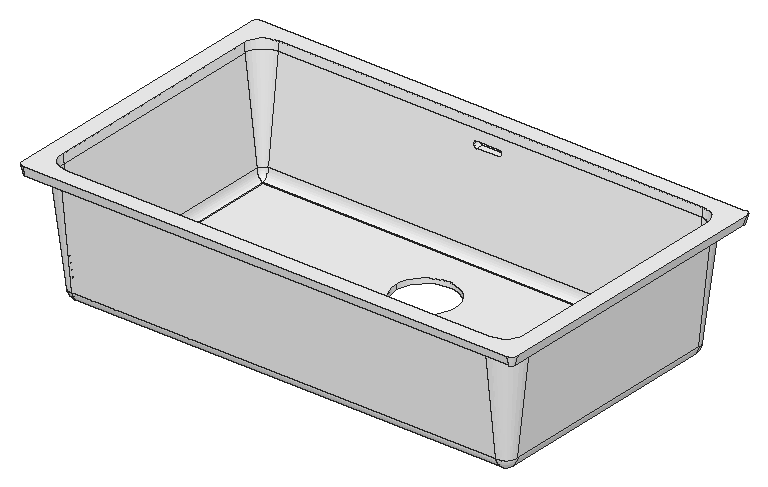
Revit family "NBS_DuPontCorian_CounterTopWashBasins_CorianSingleSink966", category Plumbing Fixtures, host Face, Revit 2014
Parameters (values of type "CorianSingleSink966")
  Weight = "n/a"
  WaterSupplyOverflowAndWasteHoles = "No tapholes, rear overflow hole, bottom waste outlet with no chainstay hole"
  WashHandBasinType = "n/a"
  WashHandBasinMounting = "n/a"
  WashBasinMaterial = NBS_Concept
  WarrantyStartDate [instance] = "1900-12-31T23:59:59"
  WarrantyGuarantorParts = "n/a"
  WarrantyGuarantorLabor = "n/a"
  WarrantyDurationUnit = "year"
  WarrantyDurationParts = "10 years"
  WarrantyDurationLabor = "n/a"
  WarrantyDescription = "10 year material warranty from DuPont™"
  Version = "3"  # constant formula
  Uniclass2 = "45-31-79/418"
  TapholeOptions = "n/a"
  TagNumber [instance] = "n/a"
  SustainabilityPerformance = "ISO14001. Zero landfill at manufacturing site. Greenguard certified. Repairable nature makes lifetime performance 40 years plus."
  Size = "750 x 451 x 191 mm"
  Shape = "Rectangular"
  SerialNumber [instance] = "0.0"
  SanitarywareSet = "n/a"
  Revision = "n/a"
  ReplacementCost = "0.0"
  ProductInformation = "corian.co.uk/Corian/en_GB/assets/downloads/documentation/corian_sinks_bowls_en.pdf"
  NominalWidth = 451.00 mm
  NominalLength = 750.00 mm
  NominalHeight = 0.00 mm
  NominalDepth = 191.00 mm
  Name = "Counter top wash basins"
  NBSTypeID = "n/a"
  NBSReference = "45-35-70/360"
  NBSOfficeMasterTag = "n/a"
  NBSNote = "n/a"
  NBSDescription = "Counter top wash basins"
  NBSCertification = "http://www.nationalbimlibrary.com/cert/hqcsepa1"
  MountingOptions = "Undermount classical, Undermount seamless"
  ModelReference = "Corian® Single Sink"
  ModelNumber = "966"
  Material = "±⅓ acrylic resin (also known as polymethyl methacrylate or PMMA) and ±⅔ aluminium trihydrate natural minerals"
  ManufacturerURL = "www.corian.co.uk"
  ManufacturerName = "DuPont Corian"  # constant formula
  Manufacturer = "DuPont™ Corian®"
  InternalWidth = "401 mm"
  InternalLength = "700 mm"
  InternalDepth = "176 mm"
  IntegralAccessories = "Includes overflow piece and 25mm diameter overflow elbow"
  InstallationDate [instance] = "1900-12-31T23:59:59"
  IfcExportType = "WASHHANDBASIN"  # constant formula
  IfcExportAs = "IfcSanitaryTerminalType"  # constant formula
  Grade = "n/a"
  Form = "Inset countertop or Mounted under countertop (undermount)"
  Finish = "Semi gloss"
  Features = "Designed to be integrated into a Corian® worksurface. Available in full colour range as Standard or bespoke colours. Hygienic."
  ExpectedLife = "n/a"
  DurationUnit = "year"
  DrainSize = 0.00 mm
  Description = "The extraordinary versatility of DuPont™ Corian® makes it the right choice for bathrooms. Bathroom basins made with Corian® combine beauty, functionality, durability and stain resistance with easy care and the abundant design and colour options that make all the difference."
  Default Elevation = 0.00 mm
  Constituents = "n/a"
  ComponentNumber = "n/a"
  ColourOptions = "Bone, Cameo White, Designer White, Glacier White, Vanilla"
  Color = "n/a"
  CodePerformance = "n/a"
  Category = "n/a"
  BarCode [instance] = "n/a"
  BIMObjectName = "NBS_DuPontCorian_CounterTopWashBasins_CorianSingleSink966"
  Author = "NBS"  # constant formula
  AssetType = "Fixed"
  AssetIdentifier [instance] = "n/a"
  AccessibilityPerformance = "n/a"
Reference planes
  plane 1 "Center (Front/Back)": y = 0
  plane 2: z = 0
  plane 3 "Center (Left/Right)": x = 0
  plane 4 "Top": z = 166.923
  plane 5: y = 78.445
  plane 6: z = 28.164
  plane 7: z = 173.255
Forms (mm)
  Sweep 1, solid, material "NBS_Concept" <- "WashBasinMaterial"
    path origin (0, 0, 0) x (1, 0, 0) y (0, 1, 0)
      loop
        line (320.46, 181.058) -> (-320.098, 181.058)
        arc (-320.098, 181.058) -> (-327.12, 178.149) -> (-330.028, 171.128) r 9.931
        line (-330.028, 171.128) -> (-330.028, -170.972)
        arc (-330.028, -170.972) -> (-327.206, -177.786) -> (-320.393, -180.608) r 9.636
        line (-320.393, -180.608) -> (320.749, -180.608)
        arc (320.749, -180.608) -> (327.566, -177.784) -> (330.389, -170.968) r 9.64
        line (330.389, -170.968) -> (330.389, 171.129)
        arc (330.389, 171.129) -> (327.481, 178.15) -> (320.46, 181.058) r 9.929
    profile origin (0.181, 181.058, 0) x (0, -1, 0) y (0, 0, 1)
      loop
        line (-17.955, 177.647) -> (-32.309, 183.42) -> (-32.309, 177.647)
        arc (-32.309, 177.647) -> (-28.995, 176.391) -> (-27.344, 173.255) r 5.002
        line (-27.344, 173.255) -> (-8.595, 20.555)
        arc (-8.595, 20.555) -> (-2.766, 8.728) -> (9.156, 3.097) r 20.007
        line (9.156, 3.097) -> (9.156, 10.559)
        spline (9.156, 10.559) -> (6.975, 11.786) -> (5.62, 13.03) -> (4.625, 14.314) -> (3.798, 15.605) -> (3.132, 16.833) -> (2.612, 17.966) -> (2.192, 19.062) -> (1.821, 20.192) -> (1.468, 21.46) -> (1.111, 22.991) -> (0.747, 25.064) -> (0.399, 28.164)
        line (0.399, 28.164) -> (-17.955, 177.647)
  SweptBlend 2, solid, material "NBS_Concept" <- "WashBasinMaterial"
    path origin (0, 0, 0) x (1, 0, 0) y (0, 0, 1)
      loop
        line (-371.542, 177.644) -> (-371.542, 190.756)
    profile origin (-371.542, 0, 177.644) x (-1, 0, 0) y (0, -1, 0)
      loop
        line (-0.319, -216.091) -> (-0.319, 215.641)
        arc (-0.319, 215.641) -> (-2.124, 219.998) -> (-6.481, 221.803) r 6.163
        line (-6.481, 221.803) -> (-736.964, 221.803)
        arc (-736.964, 221.803) -> (-741.322, 219.998) -> (-743.127, 215.641) r 6.163
        line (-743.127, 215.641) -> (-743.127, -216.091)
        arc (-743.127, -216.091) -> (-741.322, -220.449) -> (-736.964, -222.254) r 6.163
        line (-736.964, -222.254) -> (-6.481, -222.254)
        arc (-6.481, -222.254) -> (-2.124, -220.449) -> (-0.319, -216.091) r 6.162
    end profile origin (-371.542, 0, 190.756) x (-1, 0, 0) y (0, -1, 0)
      loop
        line (-736.993, -225.754) -> (-6.481, -225.754)
        spline (-6.481, -225.754) -> (-5.198, -225.673) -> (-3.946, -225.432) -> (-2.745, -225.034) -> (-1.612, -224.486) -> (-0.567, -223.796) -> (0.376, -222.975) -> (1.201, -222.036) -> (1.895, -220.993) -> (2.447, -219.863) -> (2.85, -218.663) -> (3.096, -217.413) -> (3.181, -216.131)
        line (3.181, -216.131) -> (3.181, 215.68)
        spline (3.181, 215.68) -> (3.096, 216.961) -> (2.851, 218.21) -> (2.449, 219.408) -> (1.898, 220.537) -> (1.206, 221.579) -> (0.383, 222.517) -> (-0.557, 223.338) -> (-1.6, 224.029) -> (-2.73, 224.578) -> (-3.929, 224.977) -> (-5.179, 225.22) -> (-6.459, 225.303)
        line (-6.459, 225.303) -> (-736.964, 225.303)
        spline (-736.964, 225.303) -> (-738.25, 225.222) -> (-739.505, 224.98) -> (-740.71, 224.58) -> (-741.844, 224.029) -> (-742.892, 223.336) -> (-743.835, 222.511) -> (-744.66, 221.568) -> (-745.353, 220.521) -> (-745.904, 219.386) -> (-746.303, 218.182) -> (-746.546, 216.927) -> (-746.627, 215.641)
        line (-746.627, 215.641) -> (-746.627, -216.091)
        spline (-746.627, -216.091) -> (-746.546, -217.375) -> (-746.305, -218.627) -> (-745.906, -219.83) -> (-745.358, -220.963) -> (-744.667, -222.009) -> (-743.845, -222.952) -> (-742.905, -223.776) -> (-741.861, -224.47) -> (-740.729, -225.022) -> (-739.528, -225.424) -> (-738.277, -225.669) -> (-736.993, -225.754)
  SweptBlend 3, void
    path origin (0, 0, 0) x (1, 0, 0) y (0, 0, 1)
      loop
        line (-347.983, 177.647) -> (-347.983, 190.756)
    profile origin (-347.983, 0, 177.647) x (-1, 0, 0) y (0, -1, 0)
      loop
        line (0, -171.128) -> (0, 170.972)
        arc (0, 170.972) -> (-8.081, 190.482) -> (-27.591, 198.563) r 27.591
        line (-27.591, 198.563) -> (-668.733, 198.563)
        arc (-668.733, 198.563) -> (-688.245, 190.48) -> (-696.327, 170.968) r 27.595
        line (-696.327, 170.968) -> (-696.327, -171.129)
        arc (-696.327, -171.129) -> (-688.16, -190.846) -> (-668.443, -199.013) r 27.884
        line (-668.443, -199.013) -> (-27.885, -199.013)
        arc (-27.885, -199.013) -> (-8.167, -190.846) -> (0, -171.128) r 27.885
    end profile origin (-347.983, 0, 190.756) x (-1, 0, 0) y (0, -1, 0)
      loop
        arc (1.6, 170.972) -> (-6.95, 191.613) -> (-27.591, 200.163) r 29.191
        line (-27.591, 200.163) -> (-668.733, 200.163)
        arc (-668.733, 200.163) -> (-689.376, 191.612) -> (-697.927, 170.968) r 29.195
        line (-697.927, 170.968) -> (-697.927, -171.129)
        arc (-697.927, -171.129) -> (-689.291, -191.977) -> (-668.443, -200.613) r 29.484
        line (-668.443, -200.613) -> (-27.885, -200.613)
        arc (-27.885, -200.613) -> (-7.036, -191.977) -> (1.6, -171.128) r 29.485
        line (1.6, -171.128) -> (1.6, 170.972)
  Extrusion 4, solid, material "NBS_Concept" <- "WashBasinMaterial"
    sketch origin (0, 0, 0) x (1, 0, 0) y (0, 1, 0)
      loop
        arc (-320.098, 171.902) -> (-320.645, 171.675) -> (-320.872, 171.128) r 0.774
        line (-320.872, 171.128) -> (-320.872, -171.452) -> (321.233, -171.452) -> (321.233, 171.129)
        arc (321.233, 171.129) -> (321.007, 171.676) -> (320.46, 171.902) r 0.773
        line (320.46, 171.902) -> (-320.098, 171.902)
    from 2.996 to 10.515
  Extrusion 5, void
    sketch origin (0, 0, 0) x (1, 0, 0) y (0, 1, 0)
      loop
        circle (0, 78.445) r 45.256
    from 0 to 37.606
  Extrusion 6, void
    sketch origin (0, 0, 0) x (1, 0, 0) y (0, 0, 1)
      loop
        arc (-21.35, 158.356) -> (-19.959, 154.997) -> (-16.6, 153.606) r 4.75
        line (-16.6, 153.606) -> (16.6, 153.606)
        arc (16.6, 153.606) -> (19.959, 154.997) -> (21.35, 158.356) r 4.75
        arc (21.35, 158.356) -> (19.959, 161.714) -> (16.6, 163.106) r 4.75
        line (16.6, 163.106) -> (-16.6, 163.106)
        arc (-16.6, 163.106) -> (-19.959, 161.714) -> (-21.35, 158.356) r 4.75
    from -232.092 to -162.713
Cuts and joins
  SweptBlend 3 cuts SweptBlend 2
  Extrusion 5 cuts Extrusion 4
  Extrusion 6 cuts Sweep 1
Lines and regions (mm)
  Masking region 1
    outline origin (0, 0, 0) x (1, 0, 0) y (0, 1, 0)
      loop
        arc (-374.724, -215.641) -> (-371.894, -222.473) -> (-365.061, -225.303) r 9.663
        line (-365.061, -225.303) -> (365.422, -225.303)
        arc (365.422, -225.303) -> (372.254, -222.473) -> (375.085, -215.641) r 9.663
        line (375.085, -215.641) -> (375.085, 216.091)
        arc (375.085, 216.091) -> (372.254, 222.924) -> (365.422, 225.754) r 9.663
        line (365.422, 225.754) -> (-365.061, 225.754)
        arc (-365.061, 225.754) -> (-371.894, 222.924) -> (-374.724, 216.091) r 9.663
        line (-374.724, 216.091) -> (-374.724, -215.641)
  Masking region 2
    outline origin (0, 0, 0) x (0, 1, 0) y (0, 0, 1)
      loop
        line (225.754, 190.758) -> (-225.303, 190.758) -> (-221.79, 177.647) -> (-212.917, 177.647)
        arc (-212.917, 177.647) -> (-209.602, 176.391) -> (-207.952, 173.255) r 5.002
        line (-207.952, 173.255) -> (-189.803, 25.441)
        arc (-189.803, 25.441) -> (-183.433, 13.103) -> (-170.567, 7.882) r 20.007
        line (-170.567, 7.882) -> (14.546, 2.123)
        arc (14.546, 2.123) -> (15.759, 1.672) -> (16.454, 0.581) r 2.031
        arc (16.454, 0.581) -> (16.724, 0.165) -> (17.192, 0.004) r 0.76
        line (17.192, 0.004) -> (139.698, 0.004)
        arc (139.698, 0.004) -> (140.167, 0.165) -> (140.436, 0.581) r 0.76
        arc (140.436, 0.581) -> (141.131, 1.673) -> (142.344, 2.123) r 2.031
        line (142.344, 2.123) -> (170.454, 2.997)
        arc (170.454, 2.997) -> (183.297, 8.229) -> (189.653, 20.555) r 20.007
        line (189.653, 20.555) -> (208.402, 173.255)
        arc (208.402, 173.255) -> (210.053, 176.391) -> (213.367, 177.647) r 5.002
        line (213.367, 177.647) -> (222.24, 177.647) -> (225.754, 190.758)
  Masking region 3
    outline origin (0, 0, 0) x (1, 0, 0) y (0, 0, 1)
      loop
        line (-375.056, 190.756) -> (-371.542, 177.644) -> (-362.698, 177.644)
        arc (-362.698, 177.644) -> (-359.365, 176.398) -> (-357.704, 173.252) r 5.002
        line (-357.704, 173.252) -> (-339.832, 27.691)
        arc (-339.832, 27.691) -> (-333.463, 15.344) -> (-320.595, 10.106) r 20.038
        line (-320.595, 10.106) -> (-63.87, 2.12)
        arc (-63.87, 2.12) -> (-62.657, 1.67) -> (-61.962, 0.579) r 2.031
        arc (-61.962, 0.579) -> (-61.688, 0.163) -> (-61.216, 0.002) r 0.77
        line (-61.216, 0.002) -> (61.29, 0.002)
        arc (61.29, 0.002) -> (61.755, 0.163) -> (62.02, 0.579) r 0.75
        arc (62.02, 0.579) -> (62.715, 1.67) -> (63.928, 2.12) r 2.031
        line (63.928, 2.12) -> (320.656, 10.106)
        arc (320.656, 10.106) -> (333.521, 15.327) -> (339.887, 27.666) r 20.001
        line (339.887, 27.666) -> (357.761, 173.239)
        arc (357.761, 173.239) -> (359.411, 176.381) -> (362.727, 177.645) r 5.017
        line (362.727, 177.645) -> (371.601, 177.645) -> (375.114, 190.756) -> (-375.056, 190.756)
  reference lines
    curve 1: line (25.9, 0, 190.756) -> (25.9, 0, 158.356)
    curve 2: line (-21.35, 0, 158.356) -> (-21.35, 0, 163.106)
    curve 3: line (-21.35, 0, 163.106) -> (-16.6, 0, 163.106)
    curve 4: line (-21.35, 0, 158.356) -> (-21.35, 0, 153.606)
    curve 5: line (-21.35, 0, 153.606) -> (-16.6, 0, 153.606)
    curve 6: line (0, 0, 158.356) -> (-21.35, 0, 158.356)
    curve 7: line (21.35, 0, 158.356) -> (21.35, 0, 163.106)
    curve 8: line (21.35, 0, 163.106) -> (16.6, 0, 163.106)
    curve 9: line (21.35, 0, 158.356) -> (21.35, 0, 153.606)
    curve 10: line (21.35, 0, 153.606) -> (16.6, 0, 153.606)
    curve 11: line (0, 0, 158.356) -> (21.35, 0, 158.356)
    curve 39: line (0.029, 0, 0.002) -> (-45.171, 0, 0.002)
    curve 40: line (-45.171, 0, 0.002) -> (-45.171, 0, 25.878)
    curve 41: line (0.029, 0, 0.002) -> (45.229, 0, 0.002)
    curve 42: line (45.229, 0, 0.002) -> (45.229, 0, 25.002)
    curve 43: line (0.029, 0, 20.002) -> (-57.621, 0, 20.002)
    curve 44: line (-57.621, 0, 20.002) -> (-57.621, 0, -7.925)
    curve 45: line (0.029, 0, 20.002) -> (57.679, 0, 20.002)
    curve 46: line (57.679, 0, 20.002) -> (57.679, 0, -15.918)
    curve 47: line (-58.758, 0, 11.565) -> (-40.016, 0, 8.26)
    curve 48: line (-57.621, 0, 0.002) -> (-57.621, 0, 14.302)
    curve 49: line (-61.451, 0, 14.302) -> (63.549, 0, 14.302)
    curve 50: line (58.817, 0, 11.565) -> (40.074, 0, 8.26)
    curve 51: line (57.679, 0, 0.002) -> (57.679, 0, 14.302)
    curve 52: arc (-55.998, 0, 12.678) -> (-55.572, 0, 11.477) -> (-54.486, 0, 10.812) r 1.908
    curve 53: arc (-57.621, 0, 14.302) -> (-56.473, 0, 13.826) -> (-55.998, 0, 12.678) r 1.623
    curve 54: arc (-50.171, 0, 0.002) -> (-45.174, 0, 4.536) -> (-49.275, 0, 9.895) r 4.984
    curve 55: line (-320.289, 0, 19.951) -> (-57.621, 0, 14.302)
    curve 56: arc (-330.054, 0, 28.879) -> (-326.824, 0, 22.607) -> (-320.289, 0, 19.952) r 10.157
    curve 57: arc (50.229, 0, 0.002) -> (45.232, 0, 4.536) -> (49.333, 0, 9.895) r 4.984
    curve 58: arc (56.056, 0, 12.678) -> (55.63, 0, 11.477) -> (54.544, 0, 10.812) r 1.908
    curve 59: line (54.544, 0, 10.812) -> (49.333, 0, 9.895)
    curve 60: arc (57.679, 0, 14.302) -> (56.531, 0, 13.826) -> (56.056, 0, 12.678) r 1.623
    curve 61: line (57.679, 0, 14.302) -> (320.347, 0, 19.951)
    curve 62: line (-57.621, 0, 14.302) -> (57.679, 0, 14.302)
    curve 63: line (0.029, 0, 190.756) -> (0.029, 0, 163.056)
    curve 64: line (0.029, 0, 163.056) -> (-28.684, 0, 163.056)
    curve 65: line (-28.684, 0, 163.056) -> (37.991, 0, 163.056)
    curve 66: line (0.029, 0, 163.056) -> (0.029, 0, 153.556)
    curve 67: line (0.029, 0, 153.556) -> (-35.718, 0, 153.556)
    curve 68: line (-35.718, 0, 153.556) -> (35.614, 0, 153.556)
    curve 69: line (0.029, 0, 163.056) -> (-21.271, 0, 163.056)
    curve 70: line (-21.271, 0, 163.056) -> (-21.271, 0, 153.556)
    curve 71: line (0.029, 0, 163.056) -> (21.329, 0, 163.056)
    curve 72: line (21.329, 0, 163.056) -> (21.329, 0, 153.556)
    curve 73: line (-21.271, 0, 158.306) -> (21.329, 0, 158.306)
  symbolic lines, detail levels coarse
    curve 12: line (-349.518, 190.586, 0) -> (-349.518, -190.136, 0)
    curve 13: spline (-349.518, -190.136, 0) -> (-349.438, -191.44, 0) -> (-349.188, -192.721, 0) -> (-348.775, -193.957, 0) -> (-348.204, -195.126, 0) -> (-347.485, -196.208, 0) -> (-346.631, -197.187, 0) -> (-345.655, -198.044, 0) -> (-344.575, -198.767, 0) -> (-343.408, -199.342, 0) -> (-342.174, -199.759, 0) -> (-340.894, -200.013, 0) -> (-339.589, -200.098, 0)
    curve 14: line (-339.589, -200.098, 0) -> (339.95, -200.098, 0)
    curve 15: spline (339.95, -200.098, 0) -> (341.252, -200.013, 0) -> (342.529, -199.761, 0) -> (343.761, -199.345, 0) -> (344.926, -198.772, 0) -> (346.005, -198.053, 0) -> (346.98, -197.198, 0) -> (347.834, -196.224, 0) -> (348.554, -195.145, 0) -> (349.126, -193.98, 0) -> (349.542, -192.748, 0) -> (349.794, -191.471, 0) -> (349.879, -190.169, 0)
    curve 16: line (349.879, -190.169, 0) -> (349.879, 190.619, 0)
    curve 17: line (339.93, 200.548, 0) -> (-339.589, 200.548, 0)
    curve 18: spline (-339.589, 200.548, 0) -> (-340.894, 200.463, 0) -> (-342.174, 200.21, 0) -> (-343.408, 199.792, 0) -> (-344.575, 199.217, 0) -> (-345.655, 198.495, 0) -> (-346.631, 197.637, 0) -> (-347.485, 196.659, 0) -> (-348.204, 195.576, 0) -> (-348.775, 194.407, 0) -> (-349.188, 193.172, 0) -> (-349.438, 191.891, 0) -> (-349.518, 190.586, 0)
    curve 19: spline (349.879, 190.619, 0) -> (349.794, 191.923, 0) -> (349.541, 193.202, 0) -> (349.124, 194.435, 0) -> (348.55, 195.601, 0) -> (347.829, 196.681, 0) -> (346.973, 197.656, 0) -> (345.996, 198.51, 0) -> (344.914, 199.229, 0) -> (343.747, 199.801, 0) -> (342.513, 200.215, 0) -> (341.234, 200.466, 0) -> (339.93, 200.548, 0)
  symbolic lines, detail levels medium
    curve 20: line (-349.518, 190.586, 0) -> (-349.518, -190.136, 0)
    curve 21: spline (-349.518, -190.169, 0) -> (-349.434, -191.471, 0) -> (-349.181, -192.748, 0) -> (-348.765, -193.98, 0) -> (-348.193, -195.145, 0) -> (-347.473, -196.224, 0) -> (-346.619, -197.198, 0) -> (-345.644, -198.053, 0) -> (-344.565, -198.772, 0) -> (-343.4, -199.345, 0) -> (-342.169, -199.761, 0) -> (-340.891, -200.013, 0) -> (-339.589, -200.098, 0)
    curve 22: line (-339.589, -200.098, 0) -> (339.95, -200.098, 0)
    curve 23: spline (339.95, -200.098, 0) -> (341.252, -200.013, 0) -> (342.529, -199.761, 0) -> (343.761, -199.345, 0) -> (344.926, -198.772, 0) -> (346.005, -198.053, 0) -> (346.98, -197.198, 0) -> (347.834, -196.224, 0) -> (348.554, -195.145, 0) -> (349.126, -193.98, 0) -> (349.542, -192.748, 0) -> (349.794, -191.471, 0) -> (349.879, -190.169, 0)
    curve 24: line (349.879, -190.169, 0) -> (349.879, 190.619, 0)
    curve 25: spline (349.879, 190.619, 0) -> (349.794, 191.921, 0) -> (349.542, 193.198, 0) -> (349.126, 194.43, 0) -> (348.554, 195.595, 0) -> (347.834, 196.674, 0) -> (346.98, 197.649, 0) -> (346.005, 198.503, 0) -> (344.926, 199.223, 0) -> (343.761, 199.795, 0) -> (342.529, 200.211, 0) -> (341.252, 200.464, 0) -> (339.95, 200.548, 0)
    curve 26: line (339.95, 200.548, 0) -> (-339.589, 200.548, 0)
    curve 27: spline (-339.589, 200.548, 0) -> (-340.891, 200.464, 0) -> (-342.169, 200.211, 0) -> (-343.4, 199.795, 0) -> (-344.565, 199.223, 0) -> (-345.644, 198.503, 0) -> (-346.619, 197.649, 0) -> (-347.473, 196.674, 0) -> (-348.193, 195.595, 0) -> (-348.765, 194.43, 0) -> (-349.181, 193.198, 0) -> (-349.434, 191.921, 0) -> (-349.518, 190.619, 0)
    curve 28: circle (0, 78.445, 0) r 45.256 normal (0, 0, 1)
  symbolic lines, detail levels fine
    curve 29: circle (0, 78.445, 0) r 58.376 normal (0, 0, 1)
    curve 30: circle (0, 78.445, 0) r 45.256 normal (0, 0, 1)
    curve 31: line (339.95, 200.548, 0) -> (-339.589, 200.548, 0)
    curve 32: spline (349.879, 190.619, 0) -> (349.794, 191.921, 0) -> (349.542, 193.198, 0) -> (349.126, 194.43, 0) -> (348.554, 195.595, 0) -> (347.834, 196.674, 0) -> (346.98, 197.649, 0) -> (346.005, 198.503, 0) -> (344.926, 199.223, 0) -> (343.761, 199.795, 0) -> (342.529, 200.211, 0) -> (341.252, 200.464, 0) -> (339.95, 200.548, 0)
    curve 33: line (349.879, -190.169, 0) -> (349.879, 190.619, 0)
    curve 34: spline (339.95, -200.098, 0) -> (341.252, -200.013, 0) -> (342.529, -199.761, 0) -> (343.761, -199.345, 0) -> (344.926, -198.772, 0) -> (346.005, -198.053, 0) -> (346.98, -197.198, 0) -> (347.834, -196.224, 0) -> (348.554, -195.145, 0) -> (349.126, -193.98, 0) -> (349.542, -192.748, 0) -> (349.794, -191.471, 0) -> (349.879, -190.169, 0)
    curve 35: line (-339.589, -200.098, 0) -> (339.95, -200.098, 0)
    curve 36: spline (-349.518, -190.169, 0) -> (-349.434, -191.471, 0) -> (-349.181, -192.748, 0) -> (-348.765, -193.98, 0) -> (-348.193, -195.145, 0) -> (-347.473, -196.224, 0) -> (-346.619, -197.198, 0) -> (-345.644, -198.053, 0) -> (-344.565, -198.772, 0) -> (-343.4, -199.345, 0) -> (-342.169, -199.761, 0) -> (-340.891, -200.013, 0) -> (-339.589, -200.098, 0)
    curve 37: line (-349.518, 190.619, 0) -> (-349.518, -190.136, 0)
    curve 38: spline (-339.589, 200.548, 0) -> (-340.891, 200.464, 0) -> (-342.169, 200.211, 0) -> (-343.4, 199.795, 0) -> (-344.565, 199.223, 0) -> (-345.644, 198.503, 0) -> (-346.619, 197.649, 0) -> (-347.473, 196.674, 0) -> (-348.193, 195.595, 0) -> (-348.765, 194.43, 0) -> (-349.181, 193.198, 0) -> (-349.434, 191.921, 0) -> (-349.518, 190.619, 0)
Dimensions and locks
  aligned and locked: plane 2 to host face
  aligned and locked: level to host face
Connectors
  piping at (0, 78.445, 2.996), diameter 90.52
    settings: on cut or joined group of Extrusion 4, Extrusion 5, index 1, connector inside diameter 3.56378", connector length 0.00 mm, flow factor 0, pipe flow 0 GPM, pressure drop 0.00 psi, fitting loss kfactor 0, connector angle 0.00°, fixture units 0, engagement length 0.00 mm, angle of deflection 0.00°, flow configuration 0, flow direction 1, fitting loss method 0, system type 16, joint type 0, gender type 0, connector reference index -1, connector utility 0, adjustable connector no, is connector primary yes, connector description ""
